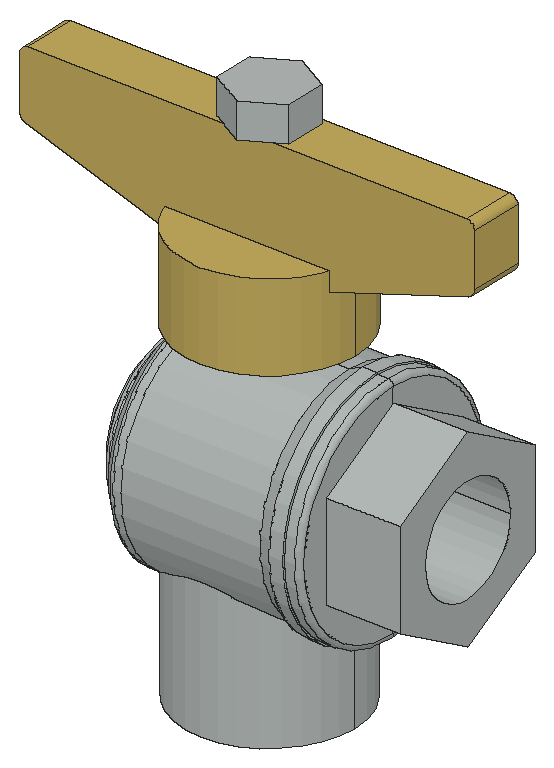
Revit family "QP05100000", category Apparecchi idraulici, Revit 2020
Family settings
  Quota connettore circolare = Usa diametro
  Tipo di parte = Normale
  Numero OmniClass = 23.45.00.00
  Titolo OmniClass = Sanitary, Laundry, and Cleaning Equipment
  Basato su piano di lavoro = No
  Sempre verticale = Sì
  Taglio con vuoti quando caricato = No
  Condiviso = No
  Punto di calcolo locali = No
Parameters
  URL = "https://web.cimberio.com/index.php/figura/238?subcategoria_id=95970"
  Temperatura di esercizio = "-20 ÷ 60°C"
  Prospetto di default = 0 mm
  Produttore = "CIMBERIO SPA"
  Pressione nominale = "MOP 5"
  Modello = "Cim 229G"
  Materiale = "Prodotto in lega di ottone conforme alla norma EN 12165-CW617N-DW"
  Descrizione = "Utilizzato nell’impiantistica distributiva di gas a bassa pressione per le categorie:\r\nGas naturali: gas derivati dal petrolio (Metano) e gas di ricambio.\r\nGas di città: prodotti secondo i diversi procedimenti (Cracking - Cokerie - ecc.).\r\nGas liquidi: propano e miscele di gas propano/butano."
  DN Model [instance] = QP05102128 : QP05102128
  DN [instance] = 20 mm
  Commenti sul tipo = "Realizzato in ottemperanza ai requisiti gestionali della norma EN ISO 9001.\r\nCollaudato al 100% secondo la normativa EN 12266-1"
Reference planes
  plane 1 "Centro (Fronte/Retro)": y = 0
  plane 2: z = 0
  plane 3 "Centro (Sinistra/Destra)": x = 0
Dimensions and locks
  aligned and locked: level to plane 2
Nested families
  nested 1: "QP05102128" at (0, 0, 0), type <- "DN Model", type "QP05102128"
  nested 2: "QP05102128" at (0, 0, 0), type <- "DN Model", type "QP05102128"
  nested 3: "QP05102128" at (0, 0, 0), type <- "DN Model", type "QP05102128"
Connectors
  piping at (37.1, 0, 0), diameter 20, driven by "DN"
    settings: on nested 1, index 1, connector inside diameter 609.6 mm, connector length 0 mm, flow factor 0, pipe flow 0.0 L/s, pressure drop 0.0 Pa, fitting loss kfactor 0, connector angle 0.00°, fixture units 0, engagement length 0 mm, angle of deflection 0.00°, flow configuration 0, flow direction 0, fitting loss method 0, system type 7, joint type 0, gender type 0, connector reference index -1, connector utility 0, adjustable connector no, is connector primary yes, connector description ""
  piping at (0, 0, -39), diameter 20, driven by "DN"
    settings: on nested 1, index 2, connector inside diameter 609.6 mm, connector length 0 mm, flow factor 0, pipe flow 0.0 L/s, pressure drop 0.0 Pa, fitting loss kfactor 0, connector angle 0.00°, fixture units 0, engagement length 0 mm, angle of deflection 0.00°, flow configuration 0, flow direction 0, fitting loss method 0, system type 7, joint type 0, gender type 0, connector reference index -1, connector utility 0, adjustable connector no, is connector primary no, connector description ""
Definition of nested family "QP05102128"
  Parameters (values of type "QP05102128")
    URL = ""
    Default Elevation = 0 mm
    Manufacturer = ""
    Pressione nominale = ""
    Model = ""
    Description = ""
    Type Comments = ""
  Reference planes
    plane 1 "Centro (Fronte/Retro)": y = 0
    plane 2: z = 0
    plane 3 "Centro (Sinistra/Destra)": x = 0
  Forms (mm)
    Revolve 1, solid
      sketch origin (0, 0, 0) x (1, 0, 0) y (0, 0, 1)
        loop
          line (-20.5, 12.035) -> (-20.92, 0) -> (-12.586, 0) -> (-12.586, 10) -> (20.1, 10) -> (20.1, 22) -> (17.5, 22) -> (14.819, 20.75) -> (-11.219, 20.75) -> (-12.587, 20.75)
          arc (-12.587, 20.75) -> (-12.969, 20.674) -> (-13.293, 20.457) r 1
          line (-13.293, 20.457) -> (-15, 18.75) -> (-15.054, 17.215)
          arc (-15.054, 17.215) -> (-15.358, 16.531) -> (-16.053, 16.25) r 1
          line (-16.053, 16.25) -> (-16.999, 16.25)
          arc (-16.999, 16.25) -> (-17.707, 15.957) -> (-18, 15.25) r 1
          line (-18, 15.25) -> (-18, 14)
          arc (-18, 14) -> (-18.186, 13.419) -> (-18.675, 13.054) r 1
          line (-18.675, 13.054) -> (-19.74, 12.971)
          arc (-19.74, 12.971) -> (-20.277, 12.63) -> (-20.5, 12.035) r 1
        axis (-20.92, 0) -> (20.1, 0)
      angle from 0 to 360
    Revolve 2, solid
      sketch origin (0, 0, 0) x (1, 0, 0) y (0, 0, 1)
        loop
          line (22.1, 21.75) -> (20.1, 21.75) -> (20.1, 10) -> (23.1, 10) -> (23.1, 20.75)
          arc (23.1, 20.75) -> (22.807, 21.457) -> (22.1, 21.75) r 1
        axis (20.1, 0) -> (23.1, 0)
      angle from 0 to 360
    Extrusion 3, solid
      sketch origin (0, 0, 0) x (0, 1, 0) y (0, 0, 1)
        loop
          circle (0, 0) r 10
        loop
          line (0, 18) -> (-15.588, 9) -> (-15.588, -9) -> (0, -18) -> (15.588, -9) -> (15.588, 9) -> (0, 18)
      from 23.1 to 37.1
    Revolve 4, solid
      sketch origin (0, 0, 0) x (1, 0, 0) y (0, 0, 1)
        loop
          line (16, -39) -> (16, -10.182) -> (0, -10.182) -> (0, -39) -> (16, -39)
        axis (0, -10.182) -> (0, -39)
      angle from 0 to 360
    Revolve 5, solid
      sketch origin (0, 0, 0) x (1, 0, 0) y (0, 0, 1)
        loop
          line (-9, 31.448) -> (-9, 21.865)
          arc (-9, 21.865) -> (-8.866, 21.366) -> (-8.5, 21) r 1
          line (-8.5, 21) -> (-8.5, 9.635) -> (-0.113, 9.635) -> (-0.113, 31.448) -> (-9, 31.448)
        axis (-0.113, 31.448) -> (-0.113, 9.635)
      angle from 0 to 360
    Revolve 6, solid
      sketch origin (0, 0, 0) x (1, 0, 0) y (0, 0, 1)
        loop
          line (0, 23.5) -> (16.171, 23.5) -> (16.171, 39.671) -> (0, 39.671) -> (0, 23.5)
        axis (0, 39.671) -> (0, 23.5)
      angle from 0 to 360
    Extrusion 7, solid
      sketch origin (0, 0, 10.8) x (1, 0, 0) y (0, 0, 1)
        loop
          arc (-41, 46.5) -> (-42.061, 46.061) -> (-42.5, 45) r 1.5
          line (-42.5, 45) -> (-42.5, 35.151)
          arc (-42.5, 35.151) -> (-42.214, 34.269) -> (-41.464, 33.724) r 1.5
          line (-41.464, 33.724) -> (-14.613, 25) -> (14.613, 25) -> (41.464, 33.724)
          arc (41.464, 33.724) -> (42.214, 34.269) -> (42.5, 35.151) r 1.5
          line (42.5, 35.151) -> (42.5, 45)
          arc (42.5, 45) -> (42.061, 46.061) -> (41, 46.5) r 1.5
          line (41, 46.5) -> (-41, 46.5)
      from -4.883 to 5.117
    Extrusion 8, solid
      sketch origin (-33.5, 0, 57.3) x (1, 0, 0) y (0, 1, 0)
        loop
          line (33.5, 7.692) -> (26.838, 3.846) -> (26.838, -3.846) -> (33.5, -7.692) -> (40.162, -3.846) -> (40.162, 3.846) -> (33.5, 7.692)
      from 0 to 6.5
  Dimensions and locks
    aligned and locked: level to plane 2
